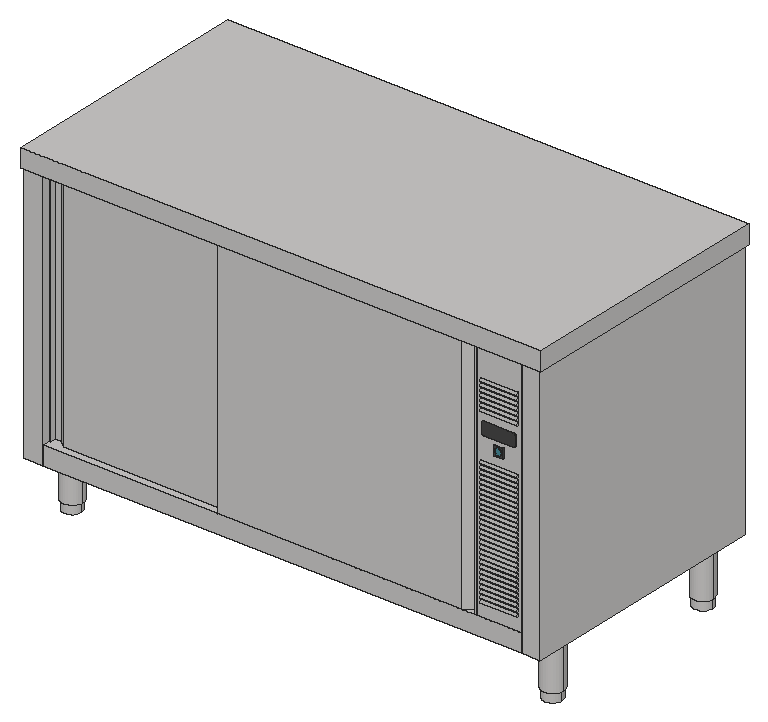
Revit family "QF_ELECTROLUXPROFESSIONAL_132787_MTC1400PN", category Attrezzature speciali, Revit 2020
Family settings
  Quota connettore circolare = Usa diametro
  Tipo di parte = Normale
  Basato su piano di lavoro = No
  Sempre verticale = Sì
  Taglio con vuoti quando caricato = No
  Condiviso = No
  Punto di calcolo locali = No
Parameters (values of type "Standard")
  Weight = 60.00 kg
  Watts = 2400 W
  Volts = 220 V
  URL Manufacturer = "https://www.electroluxprofessional.com/"
  URL = "https://www.electroluxprofessional.com/"
  Steam Supply Size = 0 mm
  Steam Supply Minimum Pressure = 0.0 Pa
  Steam Supply Maximum Pressure = 0.0 Pa
  Steam Consumption per Hour = 0
  Refrigeration Suction Line Size = 0.0 mm
  Refrigeration Liquid Line Size = 0.0 mm
  Refrigerant Compressor Remote = yes
  Prospetto di default = 0.0 mm
  Produttore = "Electrolux Professional"
  Phase = 1
  Modello = "MTC1400PN"
  Length Actual = 1400.0 mm  # constant formula
  Item Number = "132787"
  Hot Water Size = 0 mm
  Height Actual = 900.0 mm  # constant formula
  HP = "3.2 HP"
  Gas Size = 0 mm
  Gas KW = 0
  Gas Input Pressure = 0 W
  Direct Waste Size = 0 mm
  Descrizione = "HOT CUPB.VENTIL.+SHELF+SLIDING D. 1400MM"
  Depth Actual = 700.0 mm  # constant formula
  Cycle = 50 Hz
  Condensate Return Size = 0 mm
  Compressed Air Volume = 0.0 L/s
  Compressed Air Size = 0 mm
  Compressed Air Pressure = 0.0 Pa
  Cold Water Size = 0 mm
  Accessory = yes
Reference planes
  plane 1 "Center (Front/Back)": y = 0
  plane 2: z = 0
  plane 3 "Center (Left/Right)": x = -200
  plane 4 "LEFT": x = -900
  plane 5 "RIGHT": x = 500
  plane 6 "BACK": y = 350
  plane 7 "FRONT": y = -350
  plane 8 "Base": z = 850
  plane 9 "TOP": z = 900
  plane 10: x = -846.5
  plane 11: x = 446.5
  plane 12: y = 264.5
  plane 13: y = -241.5
  plane 14 "BodyLeft": x = -894.5
  plane 15 "BodyFront": y = -344.5
  plane 16 "BodyRight": x = 494.5
  plane 17 "BodyBack": y = 344.5
  plane 18 "FEET": z = 150
  plane 19: x = 324.5
  plane 20: x = -261
  plane 21: x = 444.5
  plane 22 "EIx": x = 400
  plane 23 "EIy": y = -170
Forms (mm)
  Extrusion 1, solid, material "QF_Finishes_Stainless Steel"
    sketch origin (-200, 0, 0) x (0, 1, 0) y (0, 0, 1)
      loop
        line (-350, 850) -> (350, 850) -> (350, 900) -> (-350, 900) -> (-350, 850)
    from 700 to -700
  Extrusion 2, solid, material "QF_Finishes_Stainless Steel"
    sketch origin (0, 0, 150) x (-1, 0, 0) y (0, -1, 0)
      loop
        line (894.5, -344.5) -> (894.5, 344.5) -> (844.5, 344.5) -> (844.5, -344.5) -> (894.5, -344.5)
      loop
        line (-444.5, -344.5) -> (-444.5, 344.5) -> (-494.5, 344.5) -> (-494.5, -344.5) -> (-444.5, -344.5)
    from 0 to 700
  Extrusion 3, solid, material "QF_Finishes_Stainless Steel"
    sketch origin (0, 0, 150) x (-1, 0, 0) y (0, -1, 0)
      loop
        line (844.5, -344.5) -> (844.5, 344.5) -> (-444.5, 344.5) -> (-444.5, -344.5) -> (844.5, -344.5)
    from 0 to 50
  Extrusion 4, solid, material "QF_Finishes_Stainless Steel"
    sketch origin (-1, 0, 150) x (-1, 0, 0) y (0, -1, 0)
      loop
        line (-325.5, 344.5) -> (-325.5, 324.5) -> (370.5, 324.5) -> (370.5, 344.5) -> (-285.5, 344.5) -> (-305.5, 329.5) -> (-320.5, 329.5) -> (-320.5, 344.5) -> (-325.5, 344.5)
    from 50 to 700
  Extrusion 5, solid, material "QF_Finishes_Stainless Steel"
    sketch origin (1, 20, 150) x (1, 0, 0) y (0, 1, 0)
      loop
        line (-845.5, -344.5) -> (-840.5, -344.5) -> (-840.5, -329.5) -> (-825.5, -329.5) -> (-805.5, -344.5) -> (-151.5, -344.5) -> (-151.5, -324.5) -> (-845.5, -324.5) -> (-845.5, -344.5)
    from 50 to 700
  Extrusion 6, solid, material "QF_Finishes_Stainless Steel"
    sketch origin (0, 0, 0) x (1, 0, 0) y (0, 1, 0)
      loop
        line (-844.5, -304.5) -> (324.5, -304.5) -> (324.5, 324.5) -> (-844.5, 324.5) -> (-844.5, -304.5)
    from 500 to 540
  Extrusion 7, solid, material "QF_Finishes_Stainless Steel"
    sketch origin (0, 0, 0) x (1, 0, 0) y (0, 1, 0)
      loop
        line (444.5, 344.5) -> (-844.5, 344.5) -> (-844.5, 324.5) -> (444.5, 324.5) -> (444.5, 344.5)
    from 200 to 850
  Extrusion 8, solid, material "QF_Finishes_Stainless Steel"
    sketch origin (0, 0, 150) x (-1, 0, 0) y (0, -1, 0)
      loop
        circle (-400, 170) r 10
    from 0 to -5
Cuts and joins
  joined: Extrusion 3, Extrusion 7
Lines and regions (mm)
  symbolic lines
    curve 1: line (500, 350, 900) -> (-900, 350, 900)
    curve 2: line (-900, 350, 900) -> (-900, -350, 900)
    curve 3: line (-900, -350, 900) -> (500, -350, 900)
    curve 4: line (500, -350, 900) -> (500, 350, 900)
  symbolic lines, style "SpecialityEquipmentHiddenLines"
    curve 5: line (-894.5, 344.5, 150) -> (494.5, 344.5, 150)
    curve 6: line (-894.5, -344.5, 150) -> (-894.5, 344.5, 150)
    curve 7: line (494.5, -344.5, 150) -> (-894.5, -344.5, 150)
    curve 8: line (494.5, 344.5, 150) -> (494.5, -344.5, 150)
    curve 9: line (-845.5, -304.5, 150) -> (-149.5, -304.5, 150)
    curve 10: line (-149.5, -304.5, 150) -> (-149.5, -324.5, 150)
    curve 11: line (-845.5, -324.5, 150) -> (444.5, -324.5, 150)
    curve 12: line (444.5, -324.5, 150) -> (444.5, -344.5, 150)
    curve 13: line (-845.5, -304.5, 150) -> (-845.5, -324.5, 150)
    curve 14: line (-371.5, -344.5, 0) -> (-371.5, -324.5, 0)
Dimensions and locks
  plane 4 "LEFT" to plane 5 "RIGHT" = 1400.0 mm
  equal spacing: plane 4 "LEFT", plane 3 "Center (Left/Right)", plane 5 "RIGHT"
  locked: plane 8 "Base" to level at 850
  plane 9 "TOP" to level = 900.0 mm
  plane 6 "BACK" to plane 7 "FRONT" = 700.0 mm
  equal spacing: plane 6 "BACK", plane 1 "Center (Front/Back)", plane 7 "FRONT"
  locked: plane 4 "LEFT" to plane 14 "BodyLeft" at 5.5
  locked: plane 16 "BodyRight" to plane 5 "RIGHT" at 5.5
  locked: plane 15 "BodyFront" to plane 7 "FRONT" at 5.5
  locked: plane 6 "BACK" to plane 17 "BodyBack" at 5.5
  locked: plane 14 "BodyLeft" to plane 10 at 48
  locked: plane 11 to plane 16 "BodyRight" at 48
  locked: plane 13 to plane 15 "BodyFront" at 103
  locked: plane 17 "BodyBack" to plane 12 at 80
  plane 10 to plane 11 = 1293.0 mm
  plane 12 to plane 13 = 506.0 mm
  locked: plane 14 "BodyLeft" to Extrusion 2 sketch curve at 50
  locked: Extrusion 2 sketch curve to Extrusion 2 sketch curve at 50
  equal spacing: plane 10, plane 20, plane 19
  locked: plane 21 to plane 16 "BodyRight" at 50
  locked: plane 19 to plane 21 at 120
  locked: Extrusion 4 sketch curve to plane 20 at 110.5
  locked: plane 20 to Extrusion 5 sketch curve at 110.5
  locked: plane 18 "FEET" to level at 150
  locked: plane 22 "EIx" to plane 5 "RIGHT" at 100
  plane 23 "EIy" to plane 7 "FRONT" = 180.0 mm
  aligned and locked: level to plane 2
  aligned and locked: plane 10 to nested 1
  aligned and locked: nested 1 to plane 13
  aligned and locked: plane 11 to nested 2
  aligned and locked: nested 2 to plane 13
  aligned and locked: plane 11 to nested 4
  aligned and locked: nested 4 to plane 12
  aligned and locked: plane 10 to nested 3
  aligned and locked: nested 3 to plane 12
  aligned and locked: Extrusion 1 to plane 4 "LEFT"
  aligned and locked: plane 5 "RIGHT" to Extrusion 1
  aligned and locked: curve 2 to plane 4 "LEFT"
  aligned and locked: plane 17 "BodyBack" to Extrusion 2 sketch curve
  aligned and locked: Extrusion 2 sketch curve to plane 15 "BodyFront"
  aligned and locked: Extrusion 2 sketch curve to plane 14 "BodyLeft"
  aligned and locked: plane 16 "BodyRight" to Extrusion 2 sketch curve
  aligned and locked: Extrusion 2 sketch curve to plane 17 "BodyBack"
  aligned and locked: plane 15 "BodyFront" to Extrusion 2 sketch curve
  aligned and locked: Extrusion 3 sketch curve to plane 17 "BodyBack"
  aligned and locked: plane 15 "BodyFront" to Extrusion 3 sketch curve
  aligned and locked: plane 8 "Base" to Extrusion 2
  aligned and locked: plane 8 "Base" to Extrusion 4
  aligned and locked: Extrusion 4 to Extrusion 3
  aligned and locked: Extrusion 1 to plane 8 "Base"
  aligned and locked: plane 9 "TOP" to Extrusion 1
  aligned and locked: curve 5 to plane 17 "BodyBack"
  aligned and locked: plane 14 "BodyLeft" to curve 6
  aligned and locked: plane 15 "BodyFront" to curve 7
  aligned and locked: plane 16 "BodyRight" to curve 8
  aligned and locked: Extrusion 3 to Extrusion 2  (x2)
  aligned and locked: Extrusion 6 sketch curve to Extrusion 2
  aligned and locked: Extrusion 6 sketch curve to Extrusion 5
  aligned and locked: nested 5 to plane 21
  aligned and locked: Extrusion 7 sketch curve to Extrusion 2
  aligned and locked: Extrusion 6 sketch curve to plane 19
Automatic sketch dimensions
  curve 14 to plane 15 "BodyFront" = 0.0 mm
  plane 15 "BodyFront" to curve 14 = 20.0 mm
  curve 14 to plane 20 = 110.5 mm
  curve 3 to plane 7 "FRONT" = 0.0 mm
  curve 4 to plane 6 "BACK" = 0.0 mm
  Extrusion 1 sketch curve to plane 7 "FRONT" = 0.0 mm
  Extrusion 1 sketch curve to plane 6 "BACK" = 0.0 mm
  Extrusion 1 sketch curve to plane 8 "Base" = 0.0 mm
  Extrusion 1 sketch curve to plane 9 "TOP" = 0.0 mm
  Extrusion 3 sketch curve to plane 21 = 0.0 mm
  plane 10 to Extrusion 3 sketch curve = 2.0 mm
  Extrusion 4 sketch curve to plane 19 = 0.0 mm
  Extrusion 4 sketch curve to plane 15 "BodyFront" = 0.0 mm  (x2)
  Extrusion 4 sketch curve to Extrusion 4 sketch curve = 5.0 mm
  Extrusion 4 sketch curve to Extrusion 4 sketch curve = 15.0 mm  (x2)
  Extrusion 4 sketch curve to Extrusion 4 sketch curve = 20.0 mm  (x2)
  Extrusion 5 sketch curve to plane 15 "BodyFront" = 20.0 mm  (x2)
  Extrusion 5 sketch curve to plane 10 = 42.0 mm
  Extrusion 5 sketch curve to plane 10 = 22.0 mm
  Extrusion 5 sketch curve to plane 10 = 7.0 mm
  Extrusion 5 sketch curve to plane 10 = 2.0 mm
  Extrusion 5 sketch curve to Extrusion 5 sketch curve = 15.0 mm
  Extrusion 5 sketch curve to Extrusion 5 sketch curve = 20.0 mm
  curve 12 to plane 21 = 0.0 mm
  curve 7 to plane 15 "BodyFront" = 0.0 mm
  plane 3 "Center (Left/Right)" to curve 9 = 50.5 mm
  plane 10 to curve 11 = 1.0 mm
  plane 15 "BodyFront" to curve 9 = 40.0 mm
  curve 11 to curve 12 = 20.0 mm
  plane 12 to Extrusion 6 sketch curve = 60.0 mm
  Extrusion 7 sketch curve to plane 17 "BodyBack" = 0.0 mm
  Extrusion 7 sketch curve to plane 21 = 0.0 mm
  Extrusion 7 sketch curve to plane 17 "BodyBack" = 20.0 mm
  curve 4 to plane 5 "RIGHT" = 0.0 mm
  Extrusion 8 sketch curve to plane 22 "EIx" = 0.0 mm
  Extrusion 8 sketch curve to plane 23 "EIy" = 0.0 mm
  radius of Extrusion 8 sketch curve = 10.0 mm
Nested families
  nested 1: "FEET_D58-150" at (-846.5, -241.5, 0), type "FEET_D58-150"
  nested 2: "FEET_D58-150" at (446.5, -241.5, 0), type "FEET_D58-150"
  nested 3: "FEET_D58-150" at (-846.5, 264.5, 0), type "FEET_D58-150"
  nested 4: "FEET_D58-150" at (446.5, 264.5, 0), type "FEET_D58-150"
  nested 5: "WT_PNL120x650" at (531.42, -304.5, 600) x (1, 0, 0) z (0, -1, 0), type "WT_PNL120x650"
    with Show Logo yes
Connectors
  electrical at (400, -170, 145)
    settings: on Extrusion 8, index 1, voltage 0 V, apparent load 0 VA, apparent load phase1 0 VA, apparent load phase2 0 VA, apparent load phase3 0 VA, power factor 1, load classification "Other", number of poles 1, system type 30, power factor state 1, is connector primary yes, connector utility no, sub classification motor no, connector description "Electrical connection"
Definition of nested family "FEET_D58-150"
  Parameters
    Default Elevation = 0.0 mm
    FEET = 150.0 mm
  Reference planes
    plane 1 "Center (Front/Back)": y = 0
    plane 2: z = 0
    plane 3 "Center (Left/Right)": x = 0
    plane 4: z = 150
  Forms (mm)
    Extrusion 1, solid
      sketch origin (0, 0, 0) x (1, 0, 0) y (0, 1, 0)
        loop
          circle (0, 0) r 25
      from 0 to 25
    Extrusion 2, solid
      sketch origin (0, 0, 0) x (1, 0, 0) y (0, 1, 0)
        loop
          circle (0.061, 0) r 29
      from 25 to 150 <- "FEET"
  Lines and regions (mm)
    symbolic lines
      curve 1: line (0, -1.503, 0) -> (0, 1.508, 0)
      curve 2: line (1.561, 0, 0) -> (-1.439, 0, 0)
  Dimensions and locks
    "FEET": plane 4 to plane 2
    aligned and locked: level to plane 2
  Automatic sketch dimensions
    plane 1 "Center (Front/Back)" to Extrusion 1 sketch curve = 0.0 mm
    Extrusion 1 sketch curve to plane 3 "Center (Left/Right)" = 0.0 mm
    plane 1 "Center (Front/Back)" to curve 2 = 0.0 mm
    curve 1 to plane 3 "Center (Left/Right)" = 0.0 mm
    curve 2 to plane 3 "Center (Left/Right)" = 1.439 mm
    plane 3 "Center (Left/Right)" to curve 2 = 1.561 mm
    plane 1 "Center (Front/Back)" to curve 1 = 1.503 mm
    curve 1 to plane 1 "Center (Front/Back)" = 1.508 mm
    plane 1 "Center (Front/Back)" to Extrusion 2 sketch curve = 0.0 mm
    plane 3 "Center (Left/Right)" to Extrusion 2 sketch curve = 0.061 mm
    radius of Extrusion 1 sketch curve = 25.0 mm
    radius of Extrusion 2 sketch curve = 29.0 mm
Definition of nested family "WT_PNL120x650"
  Parameters
    Show Logo [instance] = yes
    Default Elevation = 1219.2 mm
  Reference planes
    plane 1 "Center (Front/Back)": y = -75
    plane 2: z = 0
    plane 3 "Center (Left/Right)": x = -146.92
    plane 4: x = -206.92
    plane 5: x = -86.92
    plane 6: y = 250
    plane 7: y = -400
    plane 8 "TOP": z = 40
  Forms (mm)
    Extrusion 1, solid
      sketch origin (0, 0, 0) x (1, 0, 0) y (0, 1, 0)
        loop
          line (-1219.2, 1219.2) -> (-1219.2, -1219.2) -> (1219.2, -1219.2) -> (1219.2, 1219.2) -> (-1219.2, 1219.2)
      from 0 to -304.8
    Extrusion 2, solid
      sketch origin (0, 0, 0) x (1, 0, 0) y (0, 1, 0)
        loop
          line (-206.92, 250) -> (-206.92, -400) -> (-86.92, -400) -> (-86.92, 250) -> (-206.92, 250)
      from 0 to 40
    Extrusion 3, void
      sketch origin (0, 0, 40) x (-1, 0, 0) y (0, -1, 0)
        loop
          arc (101.92, -68.899) -> (103.795, -73.256) -> (108.247, -74.89) r 6
          line (108.247, -74.89) -> (185.92, -74.89)
          arc (185.92, -74.89) -> (190.163, -73.133) -> (191.92, -68.89) r 6
          line (191.92, -68.89) -> (191.92, -45.89)
          arc (191.92, -45.89) -> (190.163, -41.648) -> (185.92, -39.89) r 6
          line (185.92, -39.89) -> (107.92, -39.89)
          arc (107.92, -39.89) -> (103.677, -41.648) -> (101.92, -45.89) r 6
          line (101.92, -45.89) -> (101.92, -68.899)
        loop
          line (158.92, -27.89) -> (158.92, -2.89) -> (134.92, -2.89) -> (134.92, -27.89) -> (158.92, -27.89)
      from -2 to 0
    Extrusion 4, solid
      sketch origin (0, 0, 40) x (-1, 0, 0) y (0, -1, 0)
        loop
          line (185.92, -39.89) -> (107.92, -39.89)
          arc (107.92, -39.89) -> (103.677, -41.648) -> (101.92, -45.89) r 6
          line (101.92, -45.89) -> (101.92, -68.899)
          arc (101.92, -68.899) -> (103.795, -73.256) -> (108.247, -74.89) r 6
          line (108.247, -74.89) -> (185.92, -74.89)
          arc (185.92, -74.89) -> (190.163, -73.133) -> (191.92, -68.89) r 6
          line (191.92, -68.89) -> (191.92, -45.89)
          arc (191.92, -45.89) -> (190.163, -41.648) -> (185.92, -39.89) r 6
      from -2 to 1
    Extrusion 5, solid
      sketch origin (-146.92, 0, 0) x (0, 1, 0) y (0, 0, 1)
        loop
          line (95.896, 40) -> (104.899, 40) -> (95.896, 41.206) -> (95.896, 40)
        loop
          line (107.896, 40) -> (116.899, 40) -> (107.896, 41.206) -> (107.896, 40)
        loop
          line (119.896, 40) -> (128.899, 40) -> (119.896, 41.206) -> (119.896, 40)
        loop
          line (131.896, 40) -> (140.899, 40) -> (131.896, 41.206) -> (131.896, 40)
        loop
          line (143.896, 40) -> (152.899, 40) -> (143.896, 41.206) -> (143.896, 40)
        loop
          line (155.896, 40) -> (164.899, 40) -> (155.896, 41.206) -> (155.896, 40)
        loop
          line (167.896, 40) -> (176.899, 40) -> (167.896, 41.206) -> (167.896, 40)
        loop
          line (-102.104, 40) -> (-93.101, 40) -> (-102.104, 41.206) -> (-102.104, 40)
        loop
          line (-90.104, 40) -> (-81.101, 40) -> (-90.104, 41.206) -> (-90.104, 40)
        loop
          line (-78.104, 40) -> (-69.101, 40) -> (-78.104, 41.206) -> (-78.104, 40)
        loop
          line (-66.104, 40) -> (-57.101, 40) -> (-66.104, 41.206) -> (-66.104, 40)
        loop
          line (-54.104, 40) -> (-45.101, 40) -> (-54.104, 41.206) -> (-54.104, 40)
        loop
          line (-42.104, 40) -> (-33.101, 40) -> (-42.104, 41.206) -> (-42.104, 40)
        loop
          line (-30.104, 40) -> (-21.101, 40) -> (-30.104, 41.206) -> (-30.104, 40)
        loop
          line (-174.104, 40) -> (-165.101, 40) -> (-174.104, 41.206) -> (-174.104, 40)
        loop
          line (-162.104, 40) -> (-153.101, 40) -> (-162.104, 41.206) -> (-162.104, 40)
        loop
          line (-150.104, 40) -> (-141.101, 40) -> (-150.104, 41.206) -> (-150.104, 40)
        loop
          line (-138.104, 40) -> (-129.101, 40) -> (-138.104, 41.206) -> (-138.104, 40)
        loop
          line (-126.104, 40) -> (-117.101, 40) -> (-126.104, 41.206) -> (-126.104, 40)
        loop
          line (-114.104, 40) -> (-105.101, 40) -> (-114.104, 41.206) -> (-114.104, 40)
        loop
          line (-246.104, 40) -> (-237.101, 40) -> (-246.104, 41.206) -> (-246.104, 40)
        loop
          line (-234.104, 40) -> (-225.101, 40) -> (-234.104, 41.206) -> (-234.104, 40)
        loop
          line (-222.104, 40) -> (-213.101, 40) -> (-222.104, 41.206) -> (-222.104, 40)
        loop
          line (-210.104, 40) -> (-201.101, 40) -> (-210.104, 41.206) -> (-210.104, 40)
        loop
          line (-198.104, 40) -> (-189.101, 40) -> (-198.104, 41.206) -> (-198.104, 40)
        loop
          line (-186.104, 40) -> (-177.101, 40) -> (-186.104, 41.206) -> (-186.104, 40)
        loop
          line (-318.104, 40) -> (-309.101, 40) -> (-318.104, 41.206) -> (-318.104, 40)
        loop
          line (-306.104, 40) -> (-297.101, 40) -> (-306.104, 41.206) -> (-306.104, 40)
        loop
          line (-294.104, 40) -> (-285.101, 40) -> (-294.104, 41.206) -> (-294.104, 40)
        loop
          line (-282.104, 40) -> (-273.101, 40) -> (-282.104, 41.206) -> (-282.104, 40)
        loop
          line (-270.104, 40) -> (-261.101, 40) -> (-270.104, 41.206) -> (-270.104, 40)
        loop
          line (-258.104, 40) -> (-249.101, 40) -> (-258.104, 41.206) -> (-258.104, 40)
        loop
          line (-366.104, 40) -> (-357.101, 40) -> (-366.104, 41.206) -> (-366.104, 40)
        loop
          line (-354.104, 40) -> (-345.101, 40) -> (-354.104, 41.206) -> (-354.104, 40)
        loop
          line (-342.104, 40) -> (-333.101, 40) -> (-342.104, 41.206) -> (-342.104, 40)
        loop
          line (-330.104, 40) -> (-321.101, 40) -> (-330.104, 41.206) -> (-330.104, 40)
      from -50 to 50
    Extrusion 6, solid
      sketch origin (0, 0, 40) x (-1, 0, 0) y (0, -1, 0)
        loop
          line (134.92, -27.89) -> (158.92, -27.89) -> (158.92, -2.89) -> (134.92, -2.89) -> (134.92, -27.89)
        loop
          circle (146.92, -15.39) r 9
      from -2 to 3
    Extrusion 7, solid
      sketch origin (0, 0, 40) x (-1, 0, 0) y (0, -1, 0)
        loop
          circle (146.92, -15.39) r 9
      from 0 to 3
  Cuts and joins
    Extrusion 3 cuts Extrusion 2
  Dimensions and locks
    equal spacing: plane 6, plane 1 "Center (Front/Back)", plane 7
    equal spacing: plane 4, plane 3 "Center (Left/Right)", plane 5
    plane 8 "TOP" to level = 40.0 mm
    aligned and locked: plane 2 to Extrusion 1
    aligned and locked: level to Extrusion 1
  Automatic sketch dimensions
    Extrusion 1 sketch curve to Extrusion 1 sketch curve = 2438.4 mm  (x2)
    Extrusion 2 sketch curve to plane 4 = 0.0 mm
    Extrusion 2 sketch curve to plane 5 = 0.0 mm
    Extrusion 2 sketch curve to plane 7 = 0.0 mm
    Extrusion 2 sketch curve to plane 6 = 0.0 mm
    Extrusion 5 sketch curve to plane 8 "TOP" = 0.0 mm  (x36)
    Extrusion 5 sketch curve to Extrusion 5 sketch curve = 9.003 mm  (x35)
    plane 8 "TOP" to Extrusion 5 sketch curve = 1.206 mm  (x22)
    Extrusion 5 sketch curve to Extrusion 5 sketch curve = 2.997 mm  (x33)
    plane 1 "Center (Front/Back)" to Extrusion 5 sketch curve = 6.101 mm
    plane 1 "Center (Front/Back)" to Extrusion 5 sketch curve = 3.104 mm
    Extrusion 5 sketch curve to plane 1 "Center (Front/Back)" = 5.899 mm
    Extrusion 5 sketch curve to Extrusion 5 sketch curve = 116.997 mm
    Extrusion 5 sketch curve to Extrusion 5 sketch curve = 1.206 mm  (x14)
    Extrusion 4 sketch curve to plane 5 = 15.0 mm
    Extrusion 4 sketch curve to Extrusion 4 sketch curve = 6.0 mm  (x3)
    Extrusion 4 sketch curve to Extrusion 4 sketch curve = 0.327 mm
    plane 4 to Extrusion 4 sketch curve = 21.0 mm  (x2)
    Extrusion 4 sketch curve to plane 1 "Center (Front/Back)" = 149.89 mm
    Extrusion 4 sketch curve to Extrusion 4 sketch curve = 23.009 mm
    Extrusion 3 sketch curve to plane 5 = 15.0 mm
    Extrusion 3 sketch curve to Extrusion 3 sketch curve = 6.0 mm  (x3)
    Extrusion 3 sketch curve to Extrusion 3 sketch curve = 0.327 mm
    plane 3 "Center (Left/Right)" to Extrusion 3 sketch curve = 12.0 mm
    Extrusion 3 sketch curve to plane 3 "Center (Left/Right)" = 12.0 mm
    plane 4 to Extrusion 3 sketch curve = 21.0 mm  (x2)
    Extrusion 3 sketch curve to plane 1 "Center (Front/Back)" = 149.89 mm
    Extrusion 3 sketch curve to Extrusion 3 sketch curve = 23.0 mm
    Extrusion 3 sketch curve to Extrusion 3 sketch curve = 12.0 mm
    Extrusion 3 sketch curve to Extrusion 3 sketch curve = 25.0 mm
    Extrusion 6 sketch curve to plane 3 "Center (Left/Right)" = 0.0 mm
    plane 3 "Center (Left/Right)" to Extrusion 6 sketch curve = 12.0 mm
    Extrusion 6 sketch curve to plane 3 "Center (Left/Right)" = 12.0 mm
    Extrusion 6 sketch curve to plane 1 "Center (Front/Back)" = 102.89 mm
    Extrusion 6 sketch curve to Extrusion 6 sketch curve = 12.5 mm  (x2)
    Extrusion 7 sketch curve to plane 3 "Center (Left/Right)" = 0.0 mm
    Extrusion 7 sketch curve to plane 1 "Center (Front/Back)" = 90.39 mm
    radius of Extrusion 6 sketch curve = 9.0 mm
    radius of Extrusion 7 sketch curve = 9.0 mm
